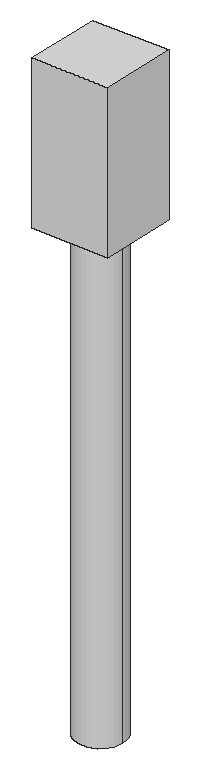
Revit family "Bloco_Estaca_1", category Structural Foundations, Revit 2020
Family settings
  Material for Model Behavior = Concrete
  Cap = No
  OmniClass Number = 23.25.05.11
  OmniClass Title = Foundation Piles
  Work Plane-Based = No
  Always vertical = Yes
  Cut with Voids When Loaded = No
  Shared = No
Parameters
  Width = 1000 mm
  Thickness = 2000 mm
  Structural Material [instance] = CT_Concreto
  Pile Type = Estaca : Estaca_60
  Length = 1000 mm
  Cut-off = 150 mm
  Assembly Code = "A1010130"
Reference planes
  plane 1 "Center (Front/Back)": y = 0
  plane 2: z = 0
  plane 3 "Center (Left/Right)": x = 0
  plane 4: x = -500
  plane 5: x = 500
  plane 6: y = 500
  plane 7: y = -500
  plane 8: z = -2000
  plane 9: z = -1850
Forms (mm)
  Extrusion 1, solid, material "CT_Concreto" <- "Structural Material"
    sketch origin (0, 0, 0) x (1, 0, 0) y (0, 1, 0)
      loop
        line (-500, 500) -> (-500, -500) -> (500, -500) -> (500, 500) -> (-500, 500)
    from -2000 to 0
Dimensions and locks
  "Width": plane 4 to plane 5
  "Length": plane 6 to plane 7
  equal spacing: plane 6, plane 1 "Center (Front/Back)", plane 7
  equal spacing: plane 4, plane 3 "Center (Left/Right)", plane 5
  "Thickness": plane 2 to plane 8
  "Cut-off": plane 9 to plane 8
  aligned and locked: plane 4 to Extrusion 1 sketch curve
  aligned and locked: Extrusion 1 sketch curve to plane 5
  aligned and locked: Extrusion 1 sketch curve to plane 6
  aligned and locked: plane 7 to Extrusion 1 sketch curve
  aligned and locked: level to Extrusion 1
  aligned and locked: Extrusion 1 to plane 8
  aligned and locked: plane 1 "Center (Front/Back)" to nested 1
  aligned and locked: plane 3 "Center (Left/Right)" to nested 1
  aligned and locked: nested 1 to plane 9
Nested families
  nested 1: "Estaca" at (0, 0, -2002), type <- "Pile Type", Structural Material <- "Structural Material", type "Estaca_60"
    with Structural Material CT_Concreto
Definition of nested family "Estaca"
  Parameters
    Structural Material [instance] = none
    Radius = Diameter / 2  # 300 mm
    Minimum Embedment = 152 mm
    Diameter = 600 mm
    Depth = 6000 mm
    Assembly Code = "A1020130"
  Reference planes
    plane 1 "Center (Front/Back)": y = 0
    plane 2: z = 0
    plane 3 "Center (Left/Right)": x = 0
    plane 4: z = -6000
    plane 5: z = 152
  Forms (mm)
    Extrusion 1, solid, material <- "Structural Material"
      sketch origin (0, 0, 0) x (1, 0, 0) y (0, 1, 0)
        loop
          circle (0, 0) r 300
      from -6000 to 152
  Dimensions and locks
    "Depth": plane 2 to plane 4
    "Minimum Embedment": plane 5 to plane 2
    "Radius": radius of Extrusion 1 sketch curve
    aligned and locked: Extrusion 1 to plane 4
    aligned and locked: Extrusion 1 to plane 5
  Automatic sketch dimensions
    Extrusion 1 sketch curve to plane 1 "Center (Front/Back)" = 0 mm
    Extrusion 1 sketch curve to plane 3 "Center (Left/Right)" = 0 mm
